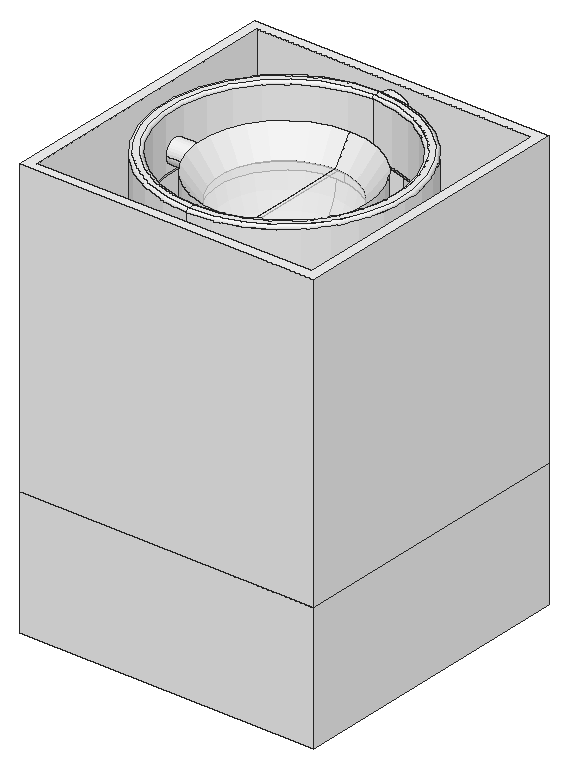
Revit family "Zaniboni-Diva-3_Inch_Surface_Mounted-1", category Lighting Fixtures, host Face, Revit 2016
Family settings
  Host = Face
  Part Type = Normal
  Round Connector Dimension = Use Diameter
  Cut with Voids When Loaded = No
  Light Source = No
  Shared = No
  Room Calculation Point = No
Parameters (values of type "D2-DIVSS-1330A-3C-WS")
  Width = 3.94"
  Wattage Comments = "14W"
  Voltage = 120 V
  URL = "www.zanibonilighting.com"
  Type Comments = "Diva"  # constant formula
  Support Finish = ZBN - Metal Matte White
  Screen Finish = ZBN - Glass
  ST = RT  # no
  SQ = RQ  # no
  SD = RD  # no
  RT = no
  RQ = no
  RD = no
  Model = "D2-DIVSS-1330A-3C-WS"
  Mechanism Finish = ZBN - Plastic-Black
  Manufacturer = "Zaniboni"  # constant formula
  Length = 3.94"
  Keynote = "12500"
  Kelvin = "3000°K"
  Frame Finish = ZBN - Metal Matte White
  Diffuser Finish = ZBN - Metal Matte White
  Description = "3 inch 1 Light Sources Adjustable 20°"
  Default Elevation = 1"
  CRI = "80"
  Body Finish = ZBN - Metal Matte White
  Beam = "36°"
  Base Finish = ZBN - Metal Matte White
  Assembly Code = "E1020300"
Types (5): name | Width | ST | SQ | SD | RT | RQ | RD | Model | Length | Description
  (no name) | 3.94" | no | no | no | no | no | no | "D2-DIVSS-1330A-3C-WS" | 3.94" | "3 inch 1 Light Sources Adjustable 20°"
  D2-DIVSS-1330A-3C-WS | 3.94" | no | no | no | no | no | no | "D2-DIVSS-1330A-3C-WS" | 3.94" | "3 inch 1 Light Sources Adjustable 20°"
  D2-DIVSD-2630A-3C-WS | 3.94" | no | no | yes | no | no | yes | "D2-DIVSD-2630A-3C-WS" | 7.87" | "3 inch 2 Light Sources Adjustable 20°"
  D2-DIVST-3930A-3C-WS | 3.94" | yes | no | yes | yes | no | yes | "D2-DIVST-3930A-3C-WS" | 11.82" | "3 inch 3 Light Sources Adjustable 20°"
  D2-DIVSQ-5230A-3C-WS | 7.62" | no | yes | yes | no | yes | yes | "D2-DIVSQ-5230A-3C-WS" | 7.87" | "3 inch 4 Light Sources Adjustable 20°"
Reference planes (in)
  plane 1 "Center (Front/Back)": y = 0
  plane 2: z = 0
  plane 3 "Center (Left/Right)": x = 0
  plane 4: x = 3.94
  plane 5: y = -3.94
  plane 6: x = 1.97
  plane 7: y = -1.97
  plane 8: z = 5.63291
  plane 9: z = 1.69291
Forms (in)
  Extrusion 1, solid, material "ZBN - Metal Matte White" <- "Body Finish"
    sketch origin (2.99382, -1.49606, 4.68504) x (1, 0, 0) y (0, 1, 0)
      loop
        line (-2.99382, 1.49606) -> (-2.99382, -2.44394) -> (0.94618, -2.44394) -> (0.94618, 1.49606) -> (-2.99382, 1.49606)
      loop
        line (0.82118, -2.31894) -> (0.82118, 1.37106) -> (-2.86882, 1.37106) -> (-2.86882, -2.31894) -> (0.82118, -2.31894)
    from -2.99213 to 0.94787
  Extrusion 2, solid, material "ZBN - Metal Matte White" <- "Body Finish"
    sketch origin (-0.55118, 0.55118, 1.69291) x (1, 0, 0) y (0, 1, 0)
      loop
        line (0.55118, -0.55118) -> (0.55118, -4.49118) -> (4.49118, -4.49118) -> (4.49118, -0.55118) -> (0.55118, -0.55118)
    from 0 to 0.12
  Extrusion 3, solid, material "ZBN - Metal Matte White" <- "Base Finish"
    sketch origin (0, 0, 0) x (1, 0, 0) y (0, 1, 0)
      loop
        line (0, 0) -> (0, -3.94) -> (3.94, -3.94) -> (3.94, 0) -> (0, 0)
    from 0 to 1.69291
Cuts and joins
  joined: Extrusion 1, Extrusion 2
Lines and regions (in)
  symbolic lines
    curve 1: line (0, 0, 0) -> (0, -3.94, 0)
    curve 2: line (3.94, 0, 0) -> (0, 0, 0)
    curve 3: line (3.94, -3.94, 0) -> (3.94, 0, 0)
    curve 4: line (0, -3.94, 0) -> (3.94, -3.94, 0)
    curve 5: line (0.125, -3.815, 0) -> (0.125, -0.125, 0)
    curve 6: line (0.125, -0.125, 0) -> (3.815, -0.125, 0)
    curve 7: line (3.815, -0.125, 0) -> (3.815, -3.815, 0)
    curve 8: line (3.815, -3.815, 0) -> (0.125, -3.815, 0)
Dimensions and locks (in)
  plane 3 "Center (Left/Right)" to Extrusion 2 sketch curve = 0"
  Extrusion 2 sketch curve to plane 1 "Center (Front/Back)" = 0"
  locked: plane 3 "Center (Left/Right)" to Extrusion 1 sketch curve at 0.125
  locked: Extrusion 1 sketch curve to plane 4 at 0.125
  locked: Extrusion 1 sketch curve to plane 5 at 0.125
  locked: Extrusion 1 sketch curve to plane 1 "Center (Front/Back)" at 0.125
  "Length": plane 3 "Center (Left/Right)" to plane 4
  "Width": plane 5 to plane 1 "Center (Front/Back)"
  equal spacing: plane 3 "Center (Left/Right)", plane 6, plane 4
  equal spacing: plane 5, plane 7, plane 1 "Center (Front/Back)"
  locked: plane 9 to plane 8 at 3.94
  locked: plane 9 to plane 2 at 1.69291
  aligned and locked: plane 2 to host face
  aligned and locked: level to host face
  aligned and locked: plane 3 "Center (Left/Right)" to Extrusion 1 sketch curve
  aligned and locked: plane 1 "Center (Front/Back)" to Extrusion 1 sketch curve
  aligned and locked: plane 4 to Extrusion 1 sketch curve
  aligned and locked: plane 5 to Extrusion 1 sketch curve
  aligned and locked: curve 1 to cut or joined group of Extrusion 1, Extrusion 2
  aligned and locked: curve 2 to cut or joined group of Extrusion 1, Extrusion 2
  aligned and locked: curve 3 to cut or joined group of Extrusion 1, Extrusion 2
  aligned and locked: curve 4 to cut or joined group of Extrusion 1, Extrusion 2
  aligned and locked: curve 5 to cut or joined group of Extrusion 1, Extrusion 2
  aligned and locked: curve 6 to cut or joined group of Extrusion 1, Extrusion 2
  aligned and locked: curve 7 to cut or joined group of Extrusion 1, Extrusion 2
  aligned and locked: curve 8 to cut or joined group of Extrusion 1, Extrusion 2
  aligned and locked: plane 3 "Center (Left/Right)" to Extrusion 3 sketch curve
  aligned and locked: plane 4 to Extrusion 3 sketch curve
  aligned and locked: plane 1 "Center (Front/Back)" to Extrusion 3 sketch curve
  aligned and locked: plane 5 to Extrusion 3 sketch curve
  aligned and locked: Extrusion 3 to plane 9
  aligned and locked: Extrusion 3 to plane 2
  aligned and locked: Extrusion 1 to plane 8
  aligned and locked: nested 1 to plane 8
  aligned and locked: plane 8 to nested 2
  aligned and locked: plane 8 to nested 3
  aligned and locked: plane 8 to nested 4
  aligned and locked: nested 5 to plane 8
Automatic sketch dimensions
  host sketch curve to host sketch curve = 12.00087"
  host sketch curve to host sketch curve = 9.98305"
  Extrusion 2 sketch curve to plane 4 = 0"
  Extrusion 2 sketch curve to plane 5 = 0"
Nested families (in)
  nested 1: "Diva 3" at (1.97, -1.97, -15.31628), Diffuser Finish <- "Diffuser Finish", Frame Finish <- "Frame Finish", Mechanism Finish <- "Mechanism Finish", Screen Finish <- "Screen Finish", Support Finish <- "Support Finish", Voltage <- "Voltage", type "Diva 3"
    with Voltage 120 V, Support Finish ZBN - Metal Matte White, Support yes, Screen Finish ZBN - Glass, Mechanism Finish ZBN - Plastic-Black, Light yes, Frame Finish ZBN - Metal Matte White, Diffuser Finish ZBN - Metal Matte White
  nested 2: "Diva 3" at (5.9, -1.97, -15.31628) x (-1, 0, 0) z (0, 0, 1), Support <- "SD", Light <- "RD", Diffuser Finish <- "Diffuser Finish", Frame Finish <- "Frame Finish", Mechanism Finish <- "Mechanism Finish", Screen Finish <- "Screen Finish", Support Finish <- "Support Finish", Voltage <- "Voltage", type "Diva 3"
    with Voltage 120 V, Support Finish ZBN - Metal Matte White, Support no, Screen Finish ZBN - Glass, Mechanism Finish ZBN - Plastic-Black, Light no, Frame Finish ZBN - Metal Matte White, Diffuser Finish ZBN - Metal Matte White
  nested 3: "Diva 3" at (9.85, -1.97, -15.31628) x (-1, 0, 0) z (0, 0, 1), Support <- "ST", Light <- "RT", Diffuser Finish <- "Diffuser Finish", Frame Finish <- "Frame Finish", Mechanism Finish <- "Mechanism Finish", Screen Finish <- "Screen Finish", Support Finish <- "Support Finish", Voltage <- "Voltage", type "Diva 3"
    with Voltage 120 V, Support Finish ZBN - Metal Matte White, Support no, Screen Finish ZBN - Glass, Mechanism Finish ZBN - Plastic-Black, Light no, Frame Finish ZBN - Metal Matte White, Diffuser Finish ZBN - Metal Matte White
  nested 4: "Diva 3" at (1.97, -5.65, -15.31628), Support <- "SQ", Light <- "RQ", Diffuser Finish <- "Diffuser Finish", Frame Finish <- "Frame Finish", Mechanism Finish <- "Mechanism Finish", Screen Finish <- "Screen Finish", Support Finish <- "Support Finish", Voltage <- "Voltage", type "Diva 3"
    with Voltage 120 V, Support Finish ZBN - Metal Matte White, Support no, Screen Finish ZBN - Glass, Mechanism Finish ZBN - Plastic-Black, Light no, Frame Finish ZBN - Metal Matte White, Diffuser Finish ZBN - Metal Matte White
  nested 5: "Diva 3" at (5.9, -5.65, -15.31628) x (-1, 0, 0) z (0, 0, 1), Support <- "SQ", Light <- "RQ", Diffuser Finish <- "Diffuser Finish", Frame Finish <- "Frame Finish", Mechanism Finish <- "Mechanism Finish", Screen Finish <- "Screen Finish", Support Finish <- "Support Finish", Voltage <- "Voltage", type "Diva 3"
    with Voltage 120 V, Support Finish ZBN - Metal Matte White, Support no, Screen Finish ZBN - Glass, Mechanism Finish ZBN - Plastic-Black, Light no, Frame Finish ZBN - Metal Matte White, Diffuser Finish ZBN - Metal Matte White
Definition of nested family "Diva 3"
  Parameters (values of type "Diva 3")
    Wattage = 9.2903 W
    built-in parameter 1150110 = 1 (stored number, unit not read)
    Voltage [instance] = 0 V
    built-in parameter 1114217 = 1 (stored number, unit not read)
    Tilt Angle = 90.00°
    built-in parameter 1150109 = 1 (stored number, unit not read)
    built-in parameter 1150134 = 3
    built-in parameter 1150113 = 1 (stored number, unit not read)
    Support Finish [instance] = none
    Support [instance] = yes
    Screen Finish [instance] = none
    Photometric Web File = "generic"
    built-in parameter 1150142 = (empty or 0)
    Mechanism Finish [instance] = none
    built-in parameter 1150105 = 109.82 (stored number, unit not read)
    Lumens = 1380 lm
    built-in parameter 1150115 = 1 (stored number, unit not read)
    built-in parameter 1150137 = (empty or 0)
    built-in parameter 1150139 = (empty or 0)
    Light [instance] = yes
    built-in parameter 1150112 = 1 (stored number, unit not read)
    built-in parameter 1150114 = 1 (stored number, unit not read)
    built-in parameter 1150132 = (empty or 0)
    built-in parameter 1150102 = (empty or 0)
    built-in parameter 1150107 = 3200 (stored number, unit not read)
    built-in parameter 1150138 = (empty or 0)
    built-in parameter 1150106 = 1.0982 (stored number, unit not read)
    Frame Finish [instance] = none
    Emit from Circle Diameter = 3"
    Emit Shape Visible in Rendering = no
    built-in parameter 1150104 = 13.8 (stored number, unit not read)
    Dimming Lamp Color Temperature Shift = (empty or 0)
    Diffuser Finish [instance] = none
    Color Filter = 16777215
    built-in parameter 1114218 = 1 (stored number, unit not read)
    built-in parameter 1150133 = 10 (stored number, unit not read)
  Reference planes (in)
    plane 1 "Center (Front/Back)": y = 0
    plane 2: z = 0
    plane 3 "Center (Left/Right)": x = 0
    plane 4: z = 20.94919
  Forms (in)
    Revolve 1, solid, material <- "Support Finish", visible <- "Light"
      sketch origin (0, 0, 0) x (0, 1, 0) y (0, 0, 1)
        loop
          arc (1.63386, 20.91) -> (1.62242, 20.93762) -> (1.5948, 20.94906) r 0.03906
          line (1.5948, 20.94906) -> (1.51521, 20.94906)
          arc (1.51521, 20.94906) -> (1.48758, 20.93762) -> (1.47614, 20.91) r 0.03906
          line (1.47614, 20.91) -> (1.47614, 20.20072)
          arc (1.47614, 20.20072) -> (1.48758, 20.1731) -> (1.51521, 20.16166) r 0.03906
          line (1.51521, 20.16166) -> (1.59437, 20.16166)
          arc (1.59437, 20.16166) -> (1.62229, 20.17322) -> (1.63386, 20.20115) r 0.03949
          line (1.63386, 20.20115) -> (1.63386, 20.91)
        axis (0, 20.94906) -> (0, 20.16166)
      angle from 0 to 360
    Revolve 2, solid, material <- "Mechanism Finish", visible <- "Light"
      sketch origin (0, 0, 0) x (0, 1, 0) y (0, 0, 1)
        loop
          line (-0.97441, 19.0514) -> (-0.97441, 18.10474)
          arc (-0.97441, 18.10474) -> (-0.90574, 17.93897) -> (-0.73997, 17.8703) r 0.23444
          line (-0.73997, 17.8703) -> (0, 17.8703) -> (0, 19.24825) -> (-0.91535, 19.24825) -> (-0.91535, 20.04627) -> (-1.00418, 20.04627) -> (-1.00418, 19.76006) -> (-1.03618, 19.76006) -> (-1.03618, 19.0514) -> (-0.97441, 19.0514)
        axis (0, 20.04627) -> (0, 17.8703)
      angle from 0 to 360
    Revolve 3, solid, material <- "Frame Finish", visible <- "Light"
      sketch origin (0, 0, 0) x (0, 1, 0) y (0, 0, 1)
        loop
          line (1.00418, 19.84428) -> (1.102, 19.84428) -> (1.102, 20.68487) -> (0.85909, 20.34151) -> (0.922, 20.34151) -> (0.922, 20.29551) -> (1.00418, 20.29551) -> (1.00418, 19.84428)
        axis (0, 20.68487) -> (0, 19.84428)
      angle from 0 to 360
    Revolve 4, solid, material <- "Screen Finish", visible <- "Light"
      sketch origin (0, 0, -0.0433) x (0, 1, 0) y (0, 0, 1)
        loop
          line (0, 20.38481) -> (-0.922, 20.38481) -> (-0.922, 20.33881) -> (0, 20.33881) -> (0, 20.38481)
        axis (0, 20.38481) -> (0, 20.33881)
      angle from 0 to 360
    Extrusion 5, solid, material <- "Support Finish", visible <- "Light"
      sketch origin (0, 0, 0) x (1, 0, 0) y (0, 0, 1)
        loop
          circle (0, 20.63237) r 0.17793
      from -1.84055 to -1.62385
    Extrusion 6, solid, material <- "Mechanism Finish", visible <- "Light"
      sketch origin (0, 0, 9.8808) x (1, 0, 0) y (0, 1, 0)
        loop
          circle (0, 0) r 0.37816
      from 7.9277 to 7.9902
    Extrusion 7, solid, material <- "Support Finish", visible <- "Support"
      sketch origin (0, -0.47455, 0) x (1, 0, 0) y (0, 0, 1)
        loop
          line (-0.21654, 20.6341) -> (-0.21654, 17.18922) -> (0.21654, 17.18922) -> (0.21654, 20.6341)
          arc (0.21654, 20.6341) -> (0, 20.85063) -> (-0.21654, 20.6341) r 0.21654
      from 1.25773 to 1.366
    Extrusion 8, solid, material <- "Support Finish", visible <- "Support"
      sketch origin (0, 3.09828, 0) x (1, 0, 0) y (0, 0, 1)
        loop
          line (-0.21654, 20.6341) -> (-0.21654, 17.18922) -> (0.21654, 17.18922) -> (0.21654, 20.6341)
          arc (0.21654, 20.6341) -> (0, 20.85063) -> (-0.21654, 20.6341) r 0.21654
      from 1.25773 to 1.366
    Extrusion 9, solid, material <- "Support Finish", visible <- "Support"
      sketch origin (0, 0, -0.95746) x (1, 0, 0) y (0, 0, 1)
        loop
          line (-0.21654, 18.14667) -> (0.21654, 18.14667) -> (0.21654, 18.33368) -> (-0.21654, 18.33368) -> (-0.21654, 18.14667)
      from -1.73228 to 1.73228
    Revolve 10, solid, material <- "Diffuser Finish", visible <- "Light"
      sketch origin (0, 0, 0) x (0, 1, 0) y (0, 0, 1)
        loop
          line (0, 19.35432) -> (-0.17456, 19.35432)
          arc (-0.17456, 19.35432) -> (-0.21904, 19.35933) -> (-0.26128, 19.37411) r 0.19994
          arc (-0.26128, 19.37411) -> (-0.67365, 19.7199) -> (-0.87063, 20.22071) r 1.09134
          arc (-0.87063, 20.22071) -> (-0.69417, 19.66935) -> (-0.23024, 19.32307) r 0.94909
          line (-0.23024, 19.32307) -> (0, 19.32307) -> (0, 19.35432)
        axis (0, 20.22071) -> (0, 19.32307)
      angle from 0 to 360
    Extrusion 11, solid, material <- "Support Finish", visible <- "Light"
      sketch origin (0, 0, -0.00195) x (0, 1, 0) y (0, 0, 1)
        loop
          circle (0, 20.43491) r 0.15726
      from -1.47688 to -1.08124
    Extrusion 12, solid, material <- "Support Finish", visible <- "Light"
      sketch origin (0, 0, 0) x (1, 0, 0) y (0, 0, -1)
        loop
          circle (0, -20.63237) r 0.17793
      from -1.84055 to -1.62385
    Extrusion 13, solid, material <- "Support Finish", visible <- "Light"
      sketch origin (0, 0, -0.00195) x (0, 1, 0) y (0, 0, -1)
        loop
          circle (0, -20.43491) r 0.15726
      from -1.47688 to -1.08124
  Cuts and joins
    joined: Extrusion 7, Extrusion 8, Extrusion 9
  Lines and regions (in)
    symbolic lines, visible <- "Light", detail levels fine
      curve 1: circle (0, 0, 0) r 1.63194 normal (0, 0, 1)
      curve 2: circle (0, 0, 0) r 1.47751 normal (0, 0, 1)
      curve 3: circle (0, 0, 0) r 1.102 normal (0, 0, 1)
      curve 4: circle (0, 0, 0) r 0.85909 normal (0, 0, 1)
  Dimensions and locks (in)
    aligned and locked: plane 2 to level
  Connectors (in)
    electrical at (0, 0, 17.80851), driven by "Voltage"
      settings: on Extrusion 6, index 1, voltage 0 V, apparent load 0 VA, apparent load phase1 0 VA, apparent load phase2 0 VA, apparent load phase3 0 VA, power factor 1, load classification none, number of poles 1, system type 31, power factor state 1, is connector primary yes, connector utility no, sub classification motor no, connector description ""
